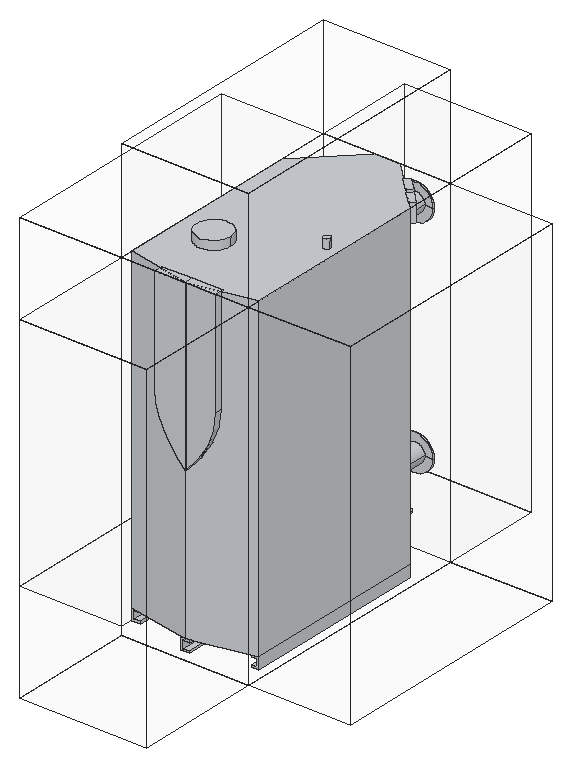
Revit family "Crest FBNT Boiler_Revit 2014", category Mechanical Equipment, Revit 2014
Parameters (values of type "FBN2001")
  Water Conn Radius = 2"
  WATER CONN SIZE = Water Conn Radius * 2  # 4"
  VENT SIZE = Vent Radius * 2  # 8"
  SES BIM Studio # = "14 0649 04-1"
  L_Water Outlet Height = 65 3/8"
  GAS CONN SIZE = Gas Conn Radius * 2  # 1 1/2"
  E_Air Intake Offset = 9"
  Vent Radius = 4"
  H_ Vent Offset = 5 1/8"
  Top Clearance = 24"
  Right Clearance = 24"
  Left Clearance = 24"
  Front Clearance = 30"
  Drain Offset = 61 7/8"
  A_WIDTH = 30"
  Voltage/Heater = "120/1PH"
  Voltage/Control = "24"
  URL = "http://www.lochinvar.com/products/Default.aspx?lineid=177&type=productline"
  Total Amps = "10"
  Model = MODEL NO.  # "FBN2001"
  Manufacturer = "Lochinvar"
  MODEL NO. = "FBN2001"
  HEIGHT = 78"
  Gas Conn Radius = 3/4"
  G_Width to Gas = 27"
  C_Depth to Vent = 61 1/2"
  F_Gas Conn Height = 26 3/4"
  GALLON CAPACITY = "111"
  Drain Depth = 4"
  Depth = C_Depth to Vent - 2"  # 59 1/2"
  J_Water Conn Offset = 68"
  K_Water Inlet Height = 12 3/8"
  INPUT RATE (BTUH) = "2,000,000"
  FUEL TYPE = "NATURAL GAS"
  Description = "CREST Condensing Boiler"
  Fuel Type = "Natural or LP"
  D_Air Inlet Offset = 15 7/8"
  Air Intake Radius = 4"
  Back Clearance = 24"
  AIR INTAKE SIZE = Air Intake Radius * 2  # 8"
  # of Electrical Connections = "1"
Types (7): name | Water Conn Radius | WATER CONN SIZE | VENT SIZE | L_Water Outlet Height | GAS CONN SIZE | E_Air Intake Offset | Vent Radius | H_ Vent Offset | Drain Offset | Total Amps | Model | MODEL NO. | Gas Conn Radius | G_Width to Gas | C_Depth to Vent | F_Gas Conn Height | GALLON CAPACITY | Depth | J_Water Conn Offset | K_Water Inlet Height | INPUT RATE (BTUH) | FUEL TYPE | Description | D_Air Inlet Offset | Air Intake Radius | AIR INTAKE SIZE
  (no name) | 2" | 4" | 8" | 65 3/8" | 1 1/2" | 9" | 4" | 5 1/8" | 61 7/8" | "10" | "FBN2001" | "FBN2001" | 3/4" | 27" | 61 1/2" | 26 3/4" | "111" | 59 1/2" | 68" | 12 3/8" | "2,000,000" | "NATURAL GAS" | "CREST Condensing Boiler" | 15 7/8" | 4" | 8"
  FBN0751 | 1 1/2" | 3" | 6" | 66 1/8" | 1 1/4" | 8 3/4" | 3" | 5 1/8" | 57" | "5" | "FBN750" | "FBN750" | 5/8" | 26 3/4" | 51" | 23 3/4" | "73" | 49" | 57 5/8" | 11 7/8" | "750,000" | "Natural Gas" | "CREST Boiler" | 13" | 3" | 6"
  FBN1001 | 1 1/2" | 3" | 6" | 66 1/8" | 1 1/4" | 8 3/4" | 3" | 5 1/8" | 56 1/4" | "6" | "FBN1001" | "FBN1001" | 5/8" | 26 3/4" | 51" | 23 1/8" | "77" | 49" | 57 5/8" | 11 7/8" | "1,000,000" | "NATURAL GAS" | "CREST Boiler" | 13" | 3" | 6"
  FBN1251 | 1 1/2" | 3" | 8" | 66 1/8" | 1 1/4" | 8 3/4" | 4" | 6 1/2" | 61 7/8" | "7" | "FBN1251" | "FBN1251" | 5/8" | 26 3/4" | 51 3/8" | 21 5/8" | "87" | 49 3/8" | 57 3/4" | 11 7/8" | "1,250,000" | "NATURAL GAS" | "CREST Condensing Boiler" | 13" | 3" | 6"
  FBN1501 | 2" | 4" | 8" | 65 3/8" | 1 1/2" | 9" | 4" | 5 1/8" | 61 7/8" | "10" | "FBN1501" | "FBN1501" | 3/4" | 26 7/8" | 62 3/8" | 27 7/8" | "94" | 60 3/8" | 68" | 12 3/8" | "1,500,000" | "NATURAL GAS" | "CREST Condensing Boiler" | 15 7/8" | 4" | 8"
  FBN1751 | 2" | 4" | 8" | 65 3/8" | 1 1/2" | 9" | 4" | 5 1/8" | 61 7/8" | "10" | "FBN1751" | "FBN1751" | 3/4" | 27" | 61 1/2" | 27 1/8" | "106" | 59 1/2" | 68" | 12 3/8" | "1,750,000" | "NATURAL GAS" | "CREST Condensing Boiler" | 15 7/8" | 4" | 8"
  FBN2001 | 2" | 4" | 8" | 65 3/8" | 1 1/2" | 9" | 4" | 5 1/8" | 61 7/8" | "10" | "FBN2001" | "FBN2001" | 3/4" | 27" | 61 1/2" | 26 3/4" | "111" | 59 1/2" | 68" | 12 3/8" | "2,000,000" | "NATURAL GAS" | "CREST Condensing Boiler" | 15 7/8" | 4" | 8"
Reference planes (in)
  plane 1 "Center (Front/Back)": y = 11.125
  plane 2: z = 0.5
  plane 3 "Center (Left/Right)": x = -1.39218
  plane 4 "Back": y = 35.875
  plane 5 "Front": y = -23.625
  plane 6 "Top": z = 78
  plane 7 "Right": x = 13.60782
  plane 8 "Left": x = -16.39218
  plane 9 "Vent Conn Height": z = 12.5
  plane 10 "Offset from Back": y = 23.75
  plane 11 "Water Outlet Height": z = 65.375
  plane 12 "Water Inlet Height": z = 12.375
  plane 13 "Offset from Left to Air Inlet": x = -7.39218
  plane 14 "Offset from Front to Air": y = -7.75
  plane 15 "Offset from Left to Gas": x = 10.60782
  plane 16 "Offset fom Front to Gas": y = 3.125
  plane 17: z = 76
  plane 18 "Right Clearance": x = 37.60782
  plane 19 "Left Clearance": x = -40.39218
  plane 20: z = 102
  plane 21 "Front Clearance": y = -53.625
  plane 22 "Back Clearance": y = 59.875
  plane 23: x = -1.39218
  plane 24 "Drain": z = 11.875
  plane 25: y = -21.625
  plane 26 "water inlet": y = 44.375
  plane 27 "water outlet": y = 44.375
  plane 28 "Vent C/L": y = 37.875
  plane 29 "Vent CL": x = -11.26718
  plane 30: z = 2.75
Forms (in)
  Extrusion 1, solid
    sketch origin (-36.87513, -180, 12.5) x (-1, 0, 0) y (0, -1, 0)
      loop
        line (-20.48295, -156.375) -> (-50.48295, -156.375) -> (-50.48295, -203.75277) -> (-38.48571, -215.875) -> (-32.48018, -215.875) -> (-20.48295, -203.75277) -> (-20.48295, -156.375)
    from 65.5 to -9.75
  Extrusion 2, solid
    sketch origin (4.53356, 32.82703, -3.5) x (0.707107, -0.707107, 0) y (0, 0, -1)
      loop
        circle (3.0625, -10.03632) r 0.5
    from 0 to 1.125
  Extrusion 3, solid
    sketch origin (0, 0, 78) x (-1, 0, 0) y (0, -1, 0)
      loop
        circle (7.39218, 7.75) r 4
    from 0 to 2
  Extrusion 4, solid
    sketch origin (0, 0, 78) x (-1, 0, 0) y (0, -1, 0)
      loop
        circle (-10.60782, -3.125) r 0.75
    from 0 to 2
  Extrusion 5, solid, material "Clearance"
    sketch origin (0, 0, 78) x (-1, 0, 0) y (0, -1, 0)
      loop
        line (16.39218, 23.625) -> (16.39218, -35.875) -> (40.39218, -35.875) -> (40.39218, 23.625) -> (16.39218, 23.625)
    from 0 to -78
  Extrusion 6, solid, material "Clearance"
    sketch origin (0, 0, 78) x (-1, 0, 0) y (0, -1, 0)
      loop
        line (-13.60782, 23.625) -> (-37.60782, 23.625) -> (-37.60782, -35.875) -> (-13.60782, -35.875) -> (-13.60782, 23.625)
    from 0 to -80
  Extrusion 7, solid, material "Clearance"
    sketch origin (0, 0, 78) x (-1, 0, 0) y (0, -1, 0)
      loop
        line (16.39218, -35.875) -> (-13.60782, -35.875) -> (-13.60782, -59.875) -> (16.39218, -59.875) -> (16.39218, -35.875)
    from 0 to -80
  Extrusion 8, solid, material "Clearance"
    sketch origin (0, 0, 78) x (-1, 0, 0) y (0, -1, 0)
      loop
        line (16.39218, -35.875) -> (16.39218, 23.625) -> (-13.60782, 23.625) -> (-13.60782, -35.875) -> (16.39218, -35.875)
    from 0 to 24
  Extrusion 9, solid, material "Clearance"
    sketch origin (0, 0, 78) x (-1, 0, 0) y (0, -1, 0)
      loop
        line (16.39218, 23.625) -> (16.39218, 53.625) -> (-13.60782, 53.625) -> (-13.60782, 23.625) -> (16.39218, 23.625)
    from 0 to -80
  Extrusion 10, void
    sketch origin (0, 0, 78) x (-1, 0, 0) y (0, -1, 0)
      loop
        line (16.39218, 23.625) -> (1.39218, 23.625) -> (16.39218, 20.625) -> (16.39218, 23.625)
    from 0 to -80
  Extrusion 11, void
    sketch origin (-2.78436, 0, 78) x (1, 0, 0) y (0, 1, 0)
      loop
        line (16.39218, -23.625) -> (16.39218, -20.625) -> (1.39218, -23.625) -> (16.39218, -23.625)
    from 0 to -80
  Extrusion 12, solid
    sketch origin (0, 11.125, 0) x (1, 0, 0) y (0, 0, 1)
      loop
        line (-8.57968, 78) -> (-8.57968, 53)
        spline (-8.57968, 53) -> (-8.51975, 51.66799) -> (-8.34361, 50.34316) -> (-8.05672, 49.02854) -> (-7.66454, 47.72717) -> (-7.17253, 46.44205) -> (-6.58616, 45.17623) -> (-5.91088, 43.93272) -> (-5.15217, 42.71455) -> (-4.31548, 41.52475) -> (-3.40628, 40.36634) -> (-2.43002, 39.24235) -> (-1.39218, 38.1558)
        spline (-1.39218, 38.1558) -> (-0.35434, 39.24235) -> (0.62192, 40.36634) -> (1.53112, 41.52475) -> (2.36781, 42.71455) -> (3.12652, 43.93272) -> (3.8018, 45.17623) -> (4.38817, 46.44205) -> (4.88018, 47.72717) -> (5.27236, 49.02854) -> (5.55925, 50.34316) -> (5.73539, 51.66799) -> (5.79532, 53)
        line (5.79532, 53) -> (5.79532, 78) -> (-1.39218, 78) -> (-8.57968, 78)
    from 32.75 to 34.75
  Revolve 13, solid
    sketch origin (25.40384, 0, 65.375) x (1, 0, 0) y (0, 1, 0)
      loop
        line (-28.79602, 35.875) -> (-28.79602, 44.375) -> (-31.04602, 44.375) -> (-31.04602, 44.125) -> (-29.04602, 44.125) -> (-29.04602, 35.875) -> (-28.79602, 35.875)
      axis (-26.79602, 44.375) -> (-26.79602, 35.875)
    angle from 0 to 360
  Revolve 14, solid
    sketch origin (53.08128, 0, 12.375) x (1, 0, 0) y (0, 1, 0)
      loop
        line (-56.47346, 35.875) -> (-56.47346, 44.375) -> (-58.72346, 44.375) -> (-58.72346, 44.125) -> (-56.72346, 44.125) -> (-56.72346, 35.875) -> (-56.47346, 35.875)
      axis (-54.47346, 44.375) -> (-54.47346, 35.875)
    angle from 0 to 360
  Revolve 15, solid
    sketch origin (0.83995, 7.98182, 11.875) x (-0.999376, 0.035334, 0) y (-0.035334, -0.999376, 0)
      loop
        line (-9.29438, -19.28429) -> (-9.54979, -19.04632) -> (-9.95269, -19.47876) -> (-9.69728, -19.71673) -> (-9.29438, -19.28429)
      axis (-9.29438, -19.28429) -> (-9.69728, -19.71673)
    angle from 0 to 360
  Extrusion 16, solid
    sketch origin (0.86453, 11.23809, 78) x (-0.998256, -0.059029, 0) y (0.059029, -0.998256, 0)
      loop
        line (-8.66017, -17.21027) -> (-9.73913, -18.15879) -> (-7.09813, -21.16297) -> (-6.01917, -20.21445) -> (-8.66017, -17.21027)
      loop
        line (-11.95192, -13.43805) -> (-13.02928, -14.39511) -> (-10.37275, -17.38557) -> (-9.29538, -16.4285) -> (-11.95192, -13.43805)
    from 0 to -4.33461
  Extrusion 17, solid
    sketch origin (0, 0, 0) x (1, 0, 0) y (0, 1, 0)
      loop
        circle (-11.26718, 37.875) r 4
    from 9 to 12.5
  Extrusion 18, solid
    sketch origin (0, -23.625, 0) x (1, 0, 0) y (0, 0, 1)
      loop
        line (13.60782, 2.75) -> (11.85782, 2.75) -> (11.85782, 2.25) -> (13.10782, 2.25) -> (13.10782, 0.5) -> (11.85782, 0.5) -> (11.85782, 0) -> (13.60782, 0) -> (13.60782, 2.75)
    from -3.03365 to -47.375
  Extrusion 19, solid
    sketch origin (-2.78436, -23.625, 0) x (-1, 0, 0) y (0, 0, -1)
      loop
        line (13.60782, -2.75) -> (13.60782, 0) -> (11.60782, 0) -> (11.60782, -0.5) -> (13.10782, -0.5) -> (13.10782, -2.25) -> (11.60782, -2.25) -> (11.60782, -2.75) -> (13.60782, -2.75)
    from -3.03365 to -47.375
  Extrusion 20, solid
    sketch origin (11.21564, -23.625, 0) x (-1, 0, 0) y (0, 0, -1)
      loop
        line (13.60782, -2.75) -> (13.60782, 0) -> (11.60782, 0) -> (11.60782, -0.5) -> (13.10782, -0.5) -> (13.10782, -2.25) -> (11.60782, -2.25) -> (11.60782, -2.75) -> (13.60782, -2.75)
    from 0 to -59.5
  Extrusion 21, solid
    sketch origin (0, 0, 0) x (1, 0, 0) y (0, 1, 0)
      loop
        line (-16.26718, 37.875) -> (-14.11754, 26.05111) -> (-4.39494, 35.875) -> (-7.97596, 41.63902)
        arc (-7.97596, 41.63902) -> (-13.33405, 42.42781) -> (-16.26718, 37.875) r 5
    from 6 to 9
Cuts and joins
  Extrusion 10, Extrusion 11 cuts Extrusion 1
Dimensions and locks (in)
  "HEIGHT": plane 6 "Top" to level
  equal spacing: plane 8 "Left", plane 3 "Center (Left/Right)", plane 7 "Right"
  "A_WIDTH": plane 8 "Left" to plane 7 "Right"
  equal spacing: Extrusion 1 sketch curve, plane 3 "Center (Left/Right)", Extrusion 1 sketch curve, locked at 3.00277 each
  Extrusion 1 sketch curve to Extrusion 1 sketch curve = 6.00553"
  locked: Extrusion 4 to plane 6 "Top" at 2
  "L_Water Outlet Height": level to plane 11 "Water Outlet Height"
  "K_Water Inlet Height": level to plane 12 "Water Inlet Height"
  "E_Air Intake Offset": plane 8 "Left" to plane 13 "Offset from Left to Air Inlet"
  "G_Width to Gas": plane 8 "Left" to plane 15 "Offset from Left to Gas"
  "F_Gas Conn Height": plane 5 "Front" to plane 16 "Offset fom Front to Gas"
  "D_Air Inlet Offset": plane 5 "Front" to plane 14 "Offset from Front to Air"
  level to plane 17 = 76"
  "Top Clearance": plane 6 "Top" to plane 20
  "Front Clearance": plane 21 "Front Clearance" to plane 5 "Front"
  "Left Clearance": plane 19 "Left Clearance" to plane 8 "Left"
  "Right Clearance": plane 7 "Right" to plane 18 "Right Clearance"
  Extrusion 12 sketch curve to plane 3 "Center (Left/Right)" to Extrusion 12 sketch curve = 7 3/16" locked, 7 3/16" locked
  locked: cut or joined group of Extrusion 1, Extrusion 10, Extrusion 11 to Extrusion 12 sketch curve at 25
  locked: plane 6 "Top" to Extrusion 12 sketch curve at 25
  "Depth": plane 5 "Front" to plane 4 "Back"
  "Back Clearance": plane 4 "Back" to plane 22 "Back Clearance"
  locked: Revolve 13 sketch curve to Revolve 13 sketch curve at 0.25  (x2)
  Revolve 13 sketch curve to Revolve 13 sketch curve = 2"
  locked: Revolve 13 sketch curve to Revolve 13 sketch curve at 2
  locked: Revolve 14 sketch curve to Revolve 14 sketch curve at 0.25  (x2)
  locked: Revolve 14 sketch curve to Revolve 14 sketch curve at 2  (x2)
  locked: plane 5 "Front" to plane 25 at 2
  Extrusion 16 sketch curve to cut or joined group of Extrusion 1, Extrusion 10, Extrusion 11 = 1.44321"
  Extrusion 16 sketch curve to Extrusion 16 sketch curve = 4"  (x2)
  Extrusion 16 sketch curve to Extrusion 16 sketch curve = 1.44107"
  "J_Water Conn Offset": plane 5 "Front" to plane 26 "water inlet"
  "C_Depth to Vent": plane 5 "Front" to plane 28 "Vent C/L"
  locked: Extrusion 5 to plane 9 "Vent Conn Height" at 12.5
  plane 2 to plane 24 "Drain" to plane 12 "Water Inlet Height" = 11 3/8" locked, 1/2"
  "H_ Vent Offset": plane 8 "Left" to plane 29 "Vent CL"
  "Air Intake Radius": radius of Extrusion 3 sketch curve
  "Gas Conn Radius": radius of Extrusion 4 sketch curve
  "Vent Radius": radius of Extrusion 17 sketch curve
  aligned and locked: plane 5 "Front" to Extrusion 1
  aligned and locked: plane 6 "Top" to Extrusion 1
  aligned and locked: Extrusion 4 to Extrusion 3
  aligned and locked: Extrusion 7 sketch curve to Extrusion 5  (x2)
  aligned and locked: Extrusion 7 sketch curve to plane 7 "Right"
  aligned and locked: Extrusion 8 sketch curve to Extrusion 7
  aligned and locked: Extrusion 8 sketch curve to Extrusion 5
  aligned and locked: Extrusion 8 sketch curve to Extrusion 6
  aligned and locked: Extrusion 9 sketch curve to Extrusion 5
  aligned and locked: plane 7 "Right" to Extrusion 9 sketch curve
  aligned and locked: plane 13 "Offset from Left to Air Inlet" to Extrusion 3 sketch curve
  aligned and locked: plane 14 "Offset from Front to Air" to Extrusion 3 sketch curve
  aligned and locked: plane 16 "Offset fom Front to Gas" to Extrusion 4 sketch curve
  aligned and locked: plane 15 "Offset from Left to Gas" to Extrusion 4 sketch curve
  aligned and locked: Extrusion 9 to plane 21 "Front Clearance"
  aligned and locked: plane 19 "Left Clearance" to Extrusion 5
  aligned and locked: Extrusion 6 to plane 18 "Right Clearance"
  aligned and locked: plane 22 "Back Clearance" to Extrusion 7
  aligned and locked: plane 8 "Left" to Extrusion 10 sketch curve
  aligned and locked: Extrusion 10 sketch curve to plane 5 "Front"
  aligned and locked: plane 3 "Center (Left/Right)" to Extrusion 10 sketch curve
  aligned and locked: Extrusion 11 sketch curve to plane 7 "Right"
  aligned and locked: plane 5 "Front" to Extrusion 11 sketch curve
  aligned and locked: plane 3 "Center (Left/Right)" to Extrusion 11 sketch curve
  aligned and locked: plane 6 "Top" to Extrusion 12 sketch curve  (x2)
  aligned and locked: plane 3 "Center (Left/Right)" to plane 23
  aligned: plane 5 "Front" to Extrusion 12
  aligned and locked: Extrusion 9 to plane 5 "Front"
  aligned and locked: Extrusion 1 sketch curve to plane 5 "Front"
  aligned and locked: plane 5 "Front" to Extrusion 12
  aligned and locked: Extrusion 12 to plane 25
  aligned and locked: plane 26 "water inlet" to Revolve 14 sketch curve
  aligned and locked: plane 27 "water outlet" to Revolve 13 sketch curve
  aligned and locked: plane 27 "water outlet" to plane 26 "water inlet"
  aligned and locked: plane 9 "Vent Conn Height" to Extrusion 17
  aligned and locked: cut or joined group of Extrusion 1, Extrusion 10, Extrusion 11 to plane 4 "Back"
  aligned and locked: plane 4 "Back" to Revolve 13
  aligned and locked: plane 4 "Back" to Revolve 14
  aligned and locked: plane 10 "Offset from Back" to Extrusion 18
  aligned and locked: plane 10 "Offset from Back" to Extrusion 19
  aligned and locked: Extrusion 20 to plane 4 "Back"
Automatic sketch dimensions
  Extrusion 1 sketch curve to plane 7 "Right" = 0"
  plane 4 "Back" to Extrusion 1 sketch curve = 0"
  Extrusion 1 sketch curve to plane 8 "Left" = 0"
  Extrusion 1 sketch curve to Extrusion 1 sketch curve = 0"
  plane 10 "Offset from Back" to Extrusion 1 sketch curve = 0.00277"  (x2)
  plane 30 to Extrusion 2 sketch curve = 3.78632"
  plane 4 "Back" to Extrusion 5 sketch curve = 0"
  Extrusion 5 sketch curve to plane 8 "Left" = 0"
  Extrusion 5 sketch curve to plane 19 "Left Clearance" = 0"
  plane 5 "Front" to Extrusion 5 sketch curve = 0"
  plane 5 "Front" to Extrusion 6 sketch curve = 0"
  Extrusion 6 sketch curve to plane 18 "Right Clearance" = 0"
  plane 4 "Back" to Extrusion 6 sketch curve = 0"
  Extrusion 6 sketch curve to plane 7 "Right" = 0"
  Extrusion 7 sketch curve to plane 22 "Back Clearance" = 0"
  plane 5 "Front" to Extrusion 8 sketch curve = 0"
  plane 5 "Front" to Extrusion 9 sketch curve = 0"
  Extrusion 9 sketch curve to plane 21 "Front Clearance" = 0"
  Extrusion 10 sketch curve to plane 25 = 1"
  plane 25 to Extrusion 11 sketch curve = 1"
  Extrusion 12 sketch curve to plane 3 "Center (Left/Right)" = 0"  (x2)
  Extrusion 12 sketch curve to Extrusion 12 sketch curve = 14.8442"
  plane 4 "Back" to Revolve 13 sketch curve = 0"
  Revolve 13 sketch curve to plane 3 "Center (Left/Right)" = 0"
  plane 4 "Back" to Revolve 13 sketch curve = 0.54112"
  plane 10 "Offset from Back" to Revolve 13 sketch curve = 2.82197"
  plane 4 "Back" to Revolve 14 sketch curve = 0"
  Revolve 14 sketch curve to plane 3 "Center (Left/Right)" = 0"
  plane 4 "Back" to Revolve 14 sketch curve = 0.54112"
  plane 10 "Offset from Back" to Revolve 14 sketch curve = 2.82197"
  plane 15 "Offset from Left to Gas" to Revolve 15 sketch curve = 0.86688"
  plane 4 "Back" to Revolve 15 sketch curve = 8.77825"
  Revolve 15 sketch curve to Revolve 15 sketch curve = 0.25541"
  Revolve 15 sketch curve to Revolve 15 sketch curve = 0"  (x4)
  Revolve 15 sketch curve to Revolve 15 sketch curve = 0.4029"
  Revolve 15 sketch curve to Revolve 15 sketch curve = 0.23796"
  plane 7 "Right" to Extrusion 16 sketch curve = 0.58646"
  plane 10 "Offset from Back" to Extrusion 16 sketch curve = 2.62721"
  Extrusion 16 sketch curve to Extrusion 16 sketch curve = 1.07737"
  Extrusion 16 sketch curve to Extrusion 16 sketch curve = 0.63362"
  Extrusion 16 sketch curve to Extrusion 16 sketch curve = 0.63521"
  Extrusion 18 sketch curve to level = 0"
  Extrusion 18 sketch curve to plane 30 = 0"
  plane 7 "Right" to Extrusion 18 sketch curve = 0"
  plane 7 "Right" to Extrusion 18 sketch curve = 1/2"
  plane 15 "Offset from Left to Gas" to Extrusion 18 sketch curve = 1 1/4"  (x2)
  Extrusion 18 sketch curve to plane 30 = 1/2"
  level to Extrusion 18 sketch curve = 1/2"
  Extrusion 19 sketch curve to level = 0"
  Extrusion 19 sketch curve to plane 30 = 0"
  Extrusion 19 sketch curve to plane 8 "Left" = 0"
  Extrusion 19 sketch curve to plane 8 "Left" = 1/2"
  Extrusion 19 sketch curve to Extrusion 19 sketch curve = 1 1/2"  (x2)
  plane 30 to Extrusion 19 sketch curve = 1/2"
  Extrusion 19 sketch curve to level = 1/2"
  Extrusion 20 sketch curve to level = 0"
  Extrusion 20 sketch curve to plane 30 = 0"
  Extrusion 20 sketch curve to plane 3 "Center (Left/Right)" = 1"  (x2)
  plane 3 "Center (Left/Right)" to Extrusion 20 sketch curve = 1/2"
  Extrusion 20 sketch curve to Extrusion 20 sketch curve = 1/2"
  Extrusion 20 sketch curve to level = 1/2"
  plane 30 to Extrusion 20 sketch curve = 1/2"
  plane 28 "Vent C/L" to Extrusion 21 sketch curve = 0"
  Extrusion 21 sketch curve to plane 29 "Vent CL" = 0"
  plane 4 "Back" to Extrusion 21 sketch curve = 0"
  plane 8 "Left" to Extrusion 21 sketch curve = 2.27464"
  Extrusion 21 sketch curve to plane 13 "Offset from Left to Air Inlet" = 0.58378"
  plane 13 "Offset from Left to Air Inlet" to Extrusion 21 sketch curve = 2.99723"
  plane 10 "Offset from Back" to Extrusion 21 sketch curve = 2.30111"
  plane 26 "water inlet" to Extrusion 21 sketch curve = 2.73598"
  plane 28 "Vent C/L" to Extrusion 17 sketch curve = 0"
  Extrusion 17 sketch curve to plane 29 "Vent CL" = 0"
  radius of Extrusion 2 sketch curve = 1/2"
Connectors (in)
  hvac at (-7.39218, -7.75, 80), driven by "Air Intake Radius"
    settings: on Extrusion 3, index 1, duct flow 0 CFM, flow factor 0, pres drop 0.00 in-wg, loss coef 0, conn angle 0.00°, conn width 12", conn height 12", conn diameter 8", duct sys type 1, conn prof type 0, flow config 0, flow direction 1, loss method 0, conn ref index -1, conn util no, is conn primary yes, conn desc "Air Inlet"
  piping at (10.60782, 3.125, 80), diameter 1.5, driven by "Gas Conn Radius"
    settings: on Extrusion 4, index 5, connector inside diameter 1 1/4", connector length 0", flow factor 0, pipe flow 0 GPM, pressure drop 0.00 psi, fitting loss kfactor 0, connector angle 0.00°, fixture units 0, engagement length 0", angle of deflection 0.00°, flow configuration 1, flow direction 1, fitting loss method 0, system type 22, joint type 0, gender type 0, connector reference index -1, connector utility 0, adjustable connector no, is connector primary yes, connector description "Gas Conn"
  piping at (7.49457, 31.45701, 6.53632), diameter 1
    settings: on Extrusion 2, index 6, connector inside diameter 1", connector length 0", flow factor 0, pipe flow 0 GPM, pressure drop 0.00 psi, fitting loss kfactor 0, connector angle 0.00°, fixture units 0, engagement length 0", angle of deflection 0.00°, flow configuration 0, flow direction 2, fitting loss method 0, system type 16, joint type 0, gender type 0, connector reference index -1, connector utility 0, adjustable connector no, is connector primary no, connector description "Condensate Drain"
  piping at (-1.39218, 44.375, 65.375), diameter 4, driven by "Water Conn Radius"
    settings: on Revolve 13, index 10, connector inside diameter 3", connector length 0", flow factor 0, pipe flow 0 GPM, pressure drop 0.00 psi, fitting loss kfactor 0, connector angle 0.00°, fixture units 0, engagement length 0", angle of deflection 0.00°, flow configuration 0, flow direction 2, fitting loss method 0, system type 7, joint type 0, gender type 0, connector reference index -1, connector utility 0, adjustable connector no, is connector primary no, connector description "Water Outlet"
  piping at (-1.39218, 44.375, 12.375), diameter 4, driven by "Water Conn Radius"
    settings: on Revolve 14, index 11, connector inside diameter 3", connector length 0", flow factor 0, pipe flow 0 GPM, pressure drop 0.00 psi, fitting loss kfactor 0, connector angle 0.00°, fixture units 0, engagement length 0", angle of deflection 0.00°, flow configuration 0, flow direction 1, fitting loss method 0, system type 8, joint type 0, gender type 0, connector reference index -1, connector utility 0, adjustable connector no, is connector primary no, connector description "Water Inlet"
  piping at (11.22786, 27.34359, 11.875), diameter 0.75
    settings: on Revolve 15, index 14, connector inside diameter 3/4", connector length 0", flow factor 0, pipe flow 0 GPM, pressure drop 0.00 psi, fitting loss kfactor 0, connector angle 0.00°, fixture units 0, engagement length 0", angle of deflection 0.00°, flow configuration 0, flow direction 2, fitting loss method 0, system type 16, joint type 0, gender type 0, connector reference index -1, connector utility 0, adjustable connector no, is connector primary no, connector description "Drain"
  electrical at (11.60715, 27.79142, 75.83269)
    settings: on Extrusion 16, index 15, voltage 0 V, apparent load 0 VA, apparent load phase1 0 VA, apparent load phase2 0 VA, apparent load phase3 0 VA, power factor 1, load classification "Other", number of poles 1, system type 31, power factor state 1, is connector primary yes, connector utility no, sub classification motor no, connector description "Line Voltage"
  electrical at (8.10792, 31.36163, 75.83269)
    settings: on Extrusion 16, index 16, voltage 0 V, apparent load 0 VA, apparent load phase1 0 VA, apparent load phase2 0 VA, apparent load phase3 0 VA, power factor 1, load classification "Other", number of poles 1, system type 13, power factor state 1, is connector primary no, connector utility no, sub classification motor no, connector description "Low Voltage"
  hvac at (-11.26718, 37.875, 12.5), driven by "Vent Radius"
    settings: on Extrusion 17, index 17, duct flow 0 CFM, flow factor 0, pres drop 0.00 in-wg, loss coef 0, conn angle 0.00°, conn width 12", conn height 12", conn diameter 8", duct sys type 3, conn prof type 0, flow config 0, flow direction 2, loss method 0, conn ref index -1, conn util no, is conn primary no, conn desc "Vent"
